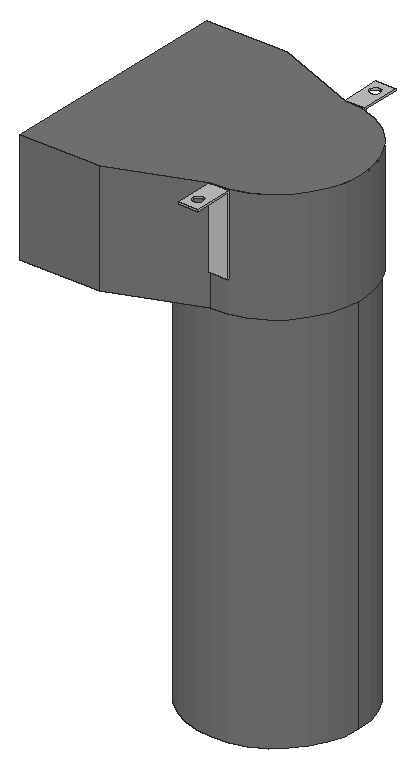
Revit family "RB_Пленум круглый пластиковый длинный", category Воздухораспределители, Revit 2022
Family settings
  Размер круглого соединителя = Использовать диаметр
  Тип детали = Нормальный
  На основе рабочей плоскости = Нет
  Всегда вертикально = Нет
  При загрузке вырезать с полостями = Нет
  Общий = Нет
  Точка принадлежности помещению = Нет
Parameters (values of type "Длинный")
  ∆Ртр [instance] = 1.306
  УровеньШума [instance] = 60 * (log(СкоростьВСечении * 1.0 s / 1000 mm)) + 20 * (log(КМС дифузора)) + 10 * (log(ПлощадьСечения / (1000 mm * 1000 mm))) + 30  # 25.9476
  Степень открытия 0,1 [instance] = no
  СкоростьВСечении [instance] = ADSK_Расход воздуха / (ПлощадьСечения * КоэфПлощадиСечения)  # 1.35812 m/s
  ПотеряНаДифузоре [instance] = if(Диффузор, КМС дифузора * ((СкоростьВСечении ^ 2) / 2) * ПлотностьВоздуха, 0.0 Pa)  # 2.51156 Pa
  ПотериНаУдлинителе [instance] = ∆Ртр * 1.0 Pa * 240 mm / 1000 mm  # 0.313438 Pa
  ПлощадьСечения [instance] = 0.0122718 m²
  ПлотностьВоздуха [instance] = 1.2050 kg/m³
  Отметка по умолчанию = 0 mm
  Описание = "Пленум круглый  пластиковый"
  Один [instance] = if(Каналы > 0, 1 = 1, 0 = 0)  # yes
  Материал = Материал для визуализации 38-19-19
  КоэфПлощадиСечения [instance] = 1
  Коэф потерь = 0
  Короткий = no
  КиниматическаяВязкостьВоздуха [instance] = 0.000015
  Каналы [instance] = if(or(ADSK_Расход воздуха = 30.0 m³/h, ADSK_Расход воздуха < 30.0 m³/h), 1, if(and(ADSK_Расход воздуха > 30.0 m³/h, or(ADSK_Расход воздуха < 60.0 m³/h, ADSK_Расход воздуха = 60.0 m³/h)), 2, if(and(ADSK_Расход воздуха > 60.0 m³/h, or(ADSK_Расход воздуха < 90.0 m³/h, ADSK_Расход воздуха = 90.0 m³/h)), 3, 4)))  # 2
  КМС дифузора [instance] = if(and(Вытяжка, not([Степень открытия 0,1])), 2.26, if(and(not(Вытяжка), not([Степень открытия 0,1])), 3.13, if(and(Вытяжка, [Степень открытия 0,1]), 12.12, 14.63)))  # 2.26
  Диффузор [instance] = yes
  ДинамяческаяВязкостьВоздуха [instance] = 0.000018
  Два [instance] = Каналы = 2  # yes
  Вытяжка [instance] = yes
  λтр [instance] = 0.030604
  to [instance] = 190 mm
  otv2 [instance] = and(Q2 > 0.0 m³/h)  # yes
  otv1 [instance] = and(Q1 > 0.0 m³/h)  # yes
  klv [instance] = if(Каналы = 2, 3, 2)  # 3
  Re [instance] = 11364.8419
  Q2 [instance] = if(Каналы = 2, ADSK_Расход воздуха / 2, 0.0 m³/h)  # 30.0 m³/h
  Q1 [instance] = if(Каналы = 1, ADSK_Расход воздуха, if(Каналы = 2, ADSK_Расход воздуха / 2, 0.0 m³/h))  # 30.0 m³/h
  L = if(Короткий, 150 mm, 383 mm)  # 383 mm
  Cap2 [instance] = and(Q2 = 0.0 m³/h)  # no
  Cap1 [instance] = and(Q1 = 0.0 m³/h)  # no
  ADSK_Расход воздуха [instance] = 60.0 m³/h
  ADSK_Потеря давления воздуха [instance] = ПотериНаУдлинителе + ПотеряНаДифузоре  # 2.825 Pa
  ADSK_Наименование [instance] = if(Короткий, "Пленум круглый пластиковый 75 мм короткий", "Пленум круглый пластиковый 75 мм длинный")  # "Пленум круглый пластиковый 75 мм длинный"
  ADSK_Масса = 0
  ADSK_Марка [instance] = ""  # constant formula
  ADSK_Количество [instance] = 1  # constant formula
  ADSK_Код изделия [instance] = if(Короткий, "75004", "75005")  # "75005"
  ADSK_Завод-изготовитель = "ООО"  # constant formula
  ADSK_Единица измерения [instance] = "шт."  # constant formula
Types (2, lengths in mm): name | Описание | Короткий | L | ADSK_Наименование | ADSK_Код изделия
  Короткий | "Пленум круглый  пластиковый (короткий)" | yes | 150 | "Пленум круглый пластиковый 75 мм короткий" | "75004"
  Длинный | "Пленум круглый  пластиковый" | no | 383 | "Пленум круглый пластиковый 75 мм длинный" | "75005"
Reference planes
  plane 1 "По центру (Вперед/Назад)": y = -2.516
  plane 2: x = 0
  plane 3 "По центру (Влево/Вправо)": x = 0
  plane 4: z = -43.276
  plane 5: y = 44.984
  plane 6: y = -50.016
  plane 7: y = 139.984
Forms (mm)
  Extrusion 1, solid, material "Материал для визуализации 38-19-19" <- "Материал"
    sketch origin (0, 0, 0) x (1, 0, 0) y (0, 1, 0)
      loop
        circle (0, -2.516) r 63
      loop
        circle (0, -2.516) r 61.655
    from -383 to -83.358
  Extrusion 2, solid, not visible
    sketch origin (0, -10, 0) x (0, 1, 0) y (0, 0, 1)
      loop
        circle (149.984, -43.276) r 10
    from -102.7 to -105
  Extrusion 3, solid, not visible
    sketch origin (0, -105, 0) x (0, 1, 0) y (0, 0, 1)
      loop
        circle (149.984, -43.276) r 10
    from -102.7 to -105
  Extrusion 4, solid, not visible
    sketch origin (0, -200, 0) x (0, 1, 0) y (0, 0, 1)
      loop
        circle (149.984, -43.276) r 10
    from -102.7 to -105
  Extrusion 5, solid, material "Материал для визуализации 38-19-19" <- "Материал"
    sketch origin (0, 0, 0) x (1, 0, 0) y (0, 1, 0)
      loop
        line (-126, 87.484) -> (-126, -92.516) -> (-65, -92.516) -> (0, -67.516)
        arc (0, -67.516) -> (65, -2.516) -> (0, 62.484) r 65
        line (0, 62.484) -> (-65, 87.484) -> (-126, 87.484)
    from -86.135 to 0
  Sweep 6, solid, material "PVC_GREY"
    path origin (0, 0, 0) x (1, 0, 0) y (0, 1, 0)
      loop
        line (0, -2.516) -> (15, -2.516)
    profile origin (7.5, -2.516, 0) x (0, 1, 0) y (0, 0, 1)
      loop
        line (95, 0) -> (65, 0) -> (65, -61) -> (66, -61) -> (66, -1) -> (95, -1) -> (95, 0)
      loop
        line (-95, 0) -> (-95, -1) -> (-66, -1) -> (-66, -61) -> (-65, -61) -> (-65, 0) -> (-95, 0)
  Extrusion 7, void
    sketch origin (0, 0, 0) x (1, 0, 0) y (0, 1, 0)
      loop
        circle (7.293, 82.644) r 4.014
      loop
        circle (7.293, -87.676) r 4.014
    from -1 to 0
Cuts and joins
  Extrusion 7 cuts Sweep 6
Dimensions and locks
  equal spacing: plane 6, plane 1 "По центру (Вперед/Назад)", plane 5
  plane 6 to plane 5 = 95 mm
  plane 4 to Extrusion 1 = 339.724 mm
  "to": plane 7 to plane 6
  equal spacing: group 1, group 2, group 3  (x2)
  equal spacing: group 3, group 2, group 1
  "L": Extrusion 1 to level
Automatic sketch dimensions
  Extrusion 1 sketch curve to Extrusion 1 sketch curve = 0 mm  (x2)
  plane 1 "По центру (Вперед/Назад)" to Extrusion 1 sketch curve = 0 mm
  Extrusion 1 sketch curve to plane 2 = 0 mm
  Extrusion 5 sketch curve to plane 2 = 0 mm
  plane 1 "По центру (Вперед/Назад)" to Extrusion 5 sketch curve = 0 mm
  Extrusion 5 sketch curve to plane 2 = 65 mm  (x2)
  Extrusion 5 sketch curve to Extrusion 5 sketch curve = 61 mm
  plane 6 to Extrusion 5 sketch curve = 42.5 mm
  Extrusion 5 sketch curve to plane 5 = 42.5 mm
  plane 6 to Extrusion 5 sketch curve = 17.5 mm
  plane 1 "По центру (Вперед/Назад)" to Sweep 6 sketch curve = 0 mm
  Sweep 6 sketch curve to plane 2 = 0 mm
  plane 2 to Sweep 6 sketch curve = 15 mm
  Sweep 6 sketch curve to level = 0 mm  (x2)
  profile plane to Sweep 6 sketch curve = 95 mm
  profile plane to Sweep 6 sketch curve = 66 mm
  Sweep 6 sketch curve to Sweep 6 sketch curve = 1 mm  (x2)
  Sweep 6 sketch curve to profile plane = 65 mm
  Sweep 6 sketch curve to Sweep 6 sketch curve = 29 mm
  Sweep 6 sketch curve to level = 1 mm  (x2)
  Sweep 6 sketch curve to Sweep 6 sketch curve = 60 mm  (x2)
  plane 2 to Extrusion 7 sketch curve = 7.293 mm  (x2)
  plane 6 to Extrusion 7 sketch curve = 37.66 mm
  Extrusion 7 sketch curve to plane 5 = 37.66 mm
  radius of Extrusion 1 sketch curve = 63 mm
  radius of Extrusion 1 sketch curve = 61.655 mm
  radius of Extrusion 2 sketch curve = 10 mm
  radius of Extrusion 3 sketch curve = 10 mm
  radius of Extrusion 4 sketch curve = 10 mm
  radius of Extrusion 7 sketch curve = 4.014 mm  (x2)
Connectors
  hvac at (-105, 44.984, -43.276), driven by "Q1"
    settings: on Extrusion 3, index 1, duct flow 30.0 m³/h, flow factor 0, pres drop 0.0 Pa, loss coef 0, conn angle 0.00°, conn width 304.8 mm, conn height 304.8 mm, conn diameter 75 mm, duct sys type 29, conn prof type 0, flow config 1, flow direction 0, loss method 0, conn ref index -1, conn util no, is conn primary yes, conn desc ""
  hvac at (-105, -50.016, -43.276), driven by "Q2"
    settings: on Extrusion 4, index 2, duct flow 30.0 m³/h, flow factor 0, pres drop 0.0 Pa, loss coef 0, conn angle 0.00°, conn width 304.8 mm, conn height 304.8 mm, conn diameter 75 mm, duct sys type 29, conn prof type 0, flow config 1, flow direction 0, loss method 0, conn ref index -1, conn util no, is conn primary no, conn desc ""
